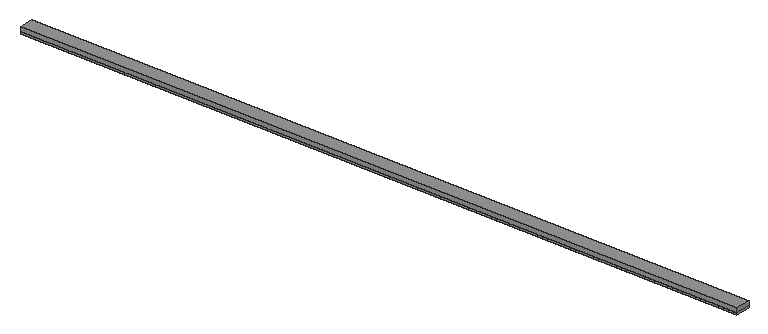
Revit family "0068119", category Lighting Fixtures, host Face, Revit 2017
Family settings
  Host = Face
  Round Connector Dimension = Use Diameter
  Part Type = Normal
  OmniClass Number = 23.80.70.00
  OmniClass Title = Lighting
  Cut with Voids When Loaded = No
  Light Source = Yes
  Shared = No
  Room Calculation Point = No
Parameters (values of type "0068119 START FLEX IP65 840 11750LM - 500 mm")
  Width_SYL = if(IP20HO_SYL, 10 mm, if(IP65_SYL, 12 mm, if(IP65HO_SYL, 10 mm, if(IP67_SYL, 10 mm, if(IP20RGB_SYL, 8 mm, if(IP20RGBW_SYL, 12 mm, if(IP67RGB_SYL, 12 mm, if(IP67RGBW_SYL, 14 mm, 8 mm))))))))  # 10 mm
  Weight = "2.0 kg"
  Wattage Comments = ""
  Wattage = 82.5 W
  WarrantyStartDate [instance] = "n/a"
  WarrantyGuarantorParts = "n/a"
  WarrantyDurationUnit = "n/a"
  WarrantyDurationParts = "n/a"
  WarrantyDescription = "n/a"
  built-in parameter 1150110 = 1 (stored number, unit not read)
  Voltage = 24 V
  URL = "http://www.sylvania-lighting.com"
  TypeName = "START Flex IP65 840 11750lm - 500 mm"
  Type Image = <None>
  Type Comments = "n/a"
  built-in parameter 1114217 = 1 (stored number, unit not read)
  Tilt Angle = -90.00°
  built-in parameter 1150109 = 1 (stored number, unit not read)
  built-in parameter 1150134 = 12
  built-in parameter 1150113 = 1 (stored number, unit not read)
  StartCapWidth_SYL = if(IP20HO_SYL, 2 mm, if(IP65_SYL, 14 mm, if(IP65HO_SYL, 12 mm, if(IP67_SYL, 17.5 mm, if(IP20RGB_SYL, 2 mm, if(IP20RGBW_SYL, 2 mm, if(IP67RGB_SYL, 14 mm, if(IP67RGBW_SYL, 16 mm, 2 mm))))))))  # 12 mm
  StartCapVisible_SYL [instance] = no
  StartCapLength_SYL = if(IP20HO_SYL, 2 mm, if(IP65_SYL, 10 mm, if(IP65HO_SYL, 15 mm, if(IP67_SYL, 35 mm, if(IP20RGB_SYL, 2 mm, if(IP20RGBW_SYL, 2 mm, if(IP67RGB_SYL, 12 mm, if(IP67RGBW_SYL, 12 mm, 2 mm))))))))  # 15 mm
  StartCapHeight_SYL = if(IP20HO_SYL, 2 mm, if(IP65_SYL, 6 mm, if(IP65HO_SYL, 6 mm, if(IP67_SYL, 9.5 mm, if(IP20RGB_SYL, 2 mm, if(IP20RGBW_SYL, 2 mm, if(IP67RGB_SYL, 7 mm, if(IP67RGBW_SYL, 7 mm, 2 mm))))))))  # 6 mm
  SerialNumber [instance] = "n/a"
  SealingVisibility_SYL = yes
  IP67_SYL = no
  IP67RGB_SYL = no
  IP67RGBW_SYL = no
  IP65_SYL = no
  IP65HO_SYL = yes
  IP20RGB_SYL = no
  IP20RGBW_SYL = no
  IP20HO_SYL = no
  HeightWithSealing_SYL = if(IP20HO_SYL, 2 mm, if(IP65_SYL, 4 mm, if(IP65HO_SYL, 4 mm, if(IP67_SYL, 6 mm, if(IP20RGB_SYL, 2 mm, if(IP20RGBW_SYL, 2 mm, if(IP67RGB_SYL, 5 mm, if(IP67RGBW_SYL, 5 mm, 2 mm))))))))  # 4 mm
  Photometric Web File = "0068119.ies"
  Material_3_SYL = ABS Plastic
  PowerFactor = 0
  PowerConsumption = "82.5 W"
  NominalLength = 5000 mm
  NominalHeight = 4 mm
  NominalDepth = 12.5 mm
  Name = "START Flex IP65 840 11750lm - 500 mm"
  ModelReference = Name  # "START Flex IP65 840 11750lm - 500 mm"
  ModelNumber = "0068119"
  Model = Name  # "START Flex IP65 840 11750lm - 500 mm"
  Material = "other housing, silicone diffuser"
  ManufacturerName = "Feilo Sylvania"
  Manufacturer = "Feilo Sylvania"
  LuminousEfficacy = "142 lm/W"
  built-in parameter 1150105 = 4037.8 (stored number, unit not read)
  Lumens = 11715 lm
  LuminaireType = ""
  built-in parameter 1150115 = 1 (stored number, unit not read)
  LightOutputRatio = "n/a"
  built-in parameter 1150137 = (empty or 0)
  built-in parameter 1150139 = (empty or 0)
  Length_SYL = 500 mm
  LampsType = Lamp  # "LED"
  LampNominalLuminous = "11750 lm"
  LampMacAdamStep = "3"
  LampColourTemperature = "4000 K"
  LampColourRenderingIndex = "80"
  built-in parameter 1150112 = 1 (stored number, unit not read)
  built-in parameter 1150114 = 1 (stored number, unit not read)
  Lamp = "LED"
  Keynote = "16500"
  InstallationDate [instance] = "n/a"
  InputVoltage = "24V DC"
  InputNominalFrequency = "n/a"
  built-in parameter 1150132 = (empty or 0)
  built-in parameter 1150102 = (empty or 0)
  built-in parameter 1150107 = 4000 (stored number, unit not read)
  built-in parameter 1150138 = (empty or 0)
  IngressProtection = "IP65"
  ImpactProtectionIndex = "IK00"
  built-in parameter 1150106 = 40.378 (stored number, unit not read)
  IfcExportType = "IfcLightFixtureType"
  IfcExportAs = "IfcLightFixtureType"
  EndCapWidth_SYL = if(IP20HO_SYL, 2 mm, if(IP65_SYL, 14 mm, if(IP65HO_SYL, 12 mm, if(IP67_SYL, 17.5 mm, if(IP20RGB_SYL, 2 mm, if(IP20RGBW_SYL, 2 mm, if(IP67RGB_SYL, 14 mm, if(IP67RGBW_SYL, 16 mm, 2 mm))))))))  # 12 mm
  EndCapVisible_SYL [instance] = no
  EndCapLength_SYL = if(IP20HO_SYL, 2 mm, if(IP65_SYL, 10 mm, if(IP65HO_SYL, 10 mm, if(IP67_SYL, 15 mm, if(IP20RGB_SYL, 2 mm, if(IP20RGBW_SYL, 2 mm, if(IP67RGB_SYL, 10 mm, if(IP67RGBW_SYL, 10 mm, 2 mm))))))))  # 10 mm
  EndCapHeight_SYL = if(IP20HO_SYL, 2 mm, if(IP65_SYL, 6 mm, if(IP65HO_SYL, 6 mm, if(IP67_SYL, 9.5 mm, if(IP20RGB_SYL, 2 mm, if(IP20RGBW_SYL, 2 mm, if(IP67RGB_SYL, 7 mm, if(IP67RGBW_SYL, 7 mm, 2 mm))))))))  # 6 mm
  EmitSurfaceOffset_SYL = 1 mm  # constant formula
  EmitSurfaceHeight_SYL = if(IP20HO_SYL, 1.2 mm, if(IP65_SYL, 4 mm, if(IP65HO_SYL, 4 mm, if(IP67_SYL, 6 mm, if(IP20RGB_SYL, 1.2 mm, if(IP20RGBW_SYL, 1.2 mm, if(IP67RGB_SYL, 5 mm, if(IP67RGBW_SYL, 5 mm, 1.2 mm))))))))  # 4 mm
  built-in parameter 1150127 = if(IP20HO_SYL, 3.5 mm, if(IP65_SYL, 12 mm, if(IP65HO_SYL, 10 mm, if(IP67_SYL, 10 mm, if(IP20RGB_SYL, 5 mm, if(IP20RGBW_SYL, 5 mm, if(IP67RGB_SYL, 12 mm, if(IP67RGBW_SYL, 14 mm, 3.5 mm))))))))  # 10 mm
  Emit from Rectangle Length = Length_SYL - 2 * EmitSurfaceOffset_SYL  # 498 mm
  Emit Shape Visible in Rendering = no
  ElectricShockClassification = "Class III"
  built-in parameter 1150104 = 13.192 (stored number, unit not read)
  DocumentationLiterature = "http://www.sylvania-lighting.com/product/en-int/products/0068119"
  DimmingControlOptions = "n/a"
  Material_2_SYL = LED
  Dimming Lamp Color Temperature Shift = <None>
  Description = "5 metre IP65 LED reel with pre-attached 3M adhesive type;  equipped with 420 LEDs; 11750lm per 5m (2350lm per 1m); 24V; 4000K; CRI80; SDCM <3; 50000 hrs (L70). Needs to be used with aluminium profile for cooling LED chips purpose and therefore assuring longer lifetime (Profile HO Surface 16 0022604 can be used)."
  Default Elevation = 1219.2 mm
  CreatedOn = "9/11/2019"
  CreatedBy = "@sylvania-lighting.com"
  Cost = 0
  Color Filter = 16777215
  built-in parameter 1114216 [instance] = (empty or 0)
  ClassificationValue = "EF_70_80"
  ClassificationName = "Uniclass2015"
  Material_1_SYL = Aluminum
  BarCode [instance] = "n/a"
  built-in parameter 1114218 = 1 (stored number, unit not read)
  Emit from Rectangle Width = 3048 mm
  AssetType = "Fixed"
  AssetIdentifier [instance] = "n/a"
  Assembly Code = "D5020200"
  Apparent Load = 82.5 VA
  Material_4_SYL = Polycarbonate, Clear
Types (4, lengths in mm): name | TypeName | StartCapVisible_SYL | Name | ModelReference | Model | Length_SYL | EndCapVisible_SYL | Emit from Rectangle Length
  0068119 START FLEX IP65 840 11750LM - 500 mm | "START Flex IP65 840 11750lm - 500 mm" | no | "START Flex IP65 840 11750lm - 500 mm" | "START Flex IP65 840 11750lm - 500 mm" | "START Flex IP65 840 11750lm - 500 mm" | 500 | no | 498
  0068119 START FLEX IP65 840 11750LM - 100 mm | "START Flex IP65 840 11750lm - 100 mm" | no | "START Flex IP65 840 11750lm - 100 mm" | "START Flex IP65 840 11750lm - 100 mm" | "START Flex IP65 840 11750lm - 100 mm" | 100 | no | 98
  0068119 START FLEX IP65 840 11750LM - 50 mm | "START Flex IP65 840 11750lm - 50 mm" | yes | "START Flex IP65 840 11750lm - 50 mm" | "START Flex IP65 840 11750lm - 50 mm" | "START Flex IP65 840 11750lm - 50 mm" | 50 | yes | 48
  0068119 START FLEX IP65 840 11750LM - 10 mm | "START Flex IP65 840 11750lm - 10 mm" | yes | "START Flex IP65 840 11750lm - 10 mm" | "START Flex IP65 840 11750lm - 10 mm" | "START Flex IP65 840 11750lm - 10 mm" | 10 | yes | 8
Reference planes
  plane 1 "Center (Front/Back)": y = 0
  plane 2: z = 0
  plane 3 "Center (Left/Right)": x = 0
  plane 4: y = 5
  plane 5: y = -5
  plane 6: z = 1.2
  plane 7: x = 500
  plane 8: x = 250
  plane 9: x = 1
  plane 10: x = 499
  plane 11: y = 1.8
  plane 12: y = -1.8
  plane 13: y = 6
  plane 14: y = -6
  plane 15: x = -15
  plane 16: x = 510
  plane 17: y = 6
  plane 18: y = -6
  plane 19: z = 4
  plane 20: z = 4
  plane 21: z = 2
  plane 22: z = -1
  plane 23: z = 5
  plane 24: z = 5
  plane 25: z = -1
Forms (mm)
  Extrusion 1, solid, material "Aluminum" <- "Material_1_SYL"
    sketch origin (0, 0, 0) x (0, 1, 0) y (0, 0, 1)
      loop
        line (-5, 1.2) -> (-5, 0) -> (5, 0) -> (5, 1.2) -> (-5, 1.2)
    from 0 to 500
  Extrusion 2, solid, material "Polycarbonate, Clear" <- "Material_4_SYL", visible <- "SealingVisibility_SYL"
    sketch origin (0, 0, 0) x (0, 1, 0) y (0, 0, 1)
      loop
        line (-5, 1.2) -> (5, 1.2) -> (5, 4) -> (-5, 4) -> (-5, 1.2)
    from 0 to 500
  Extrusion 3, solid, visible <- "StartCapVisible_SYL"
    sketch origin (0, 0, 0) x (0, 1, 0) y (0, 0, 1)
      loop
        line (-6, -1) -> (6, -1) -> (6, 5) -> (-6, 5) -> (-6, -1)
    from 0 to -15
  Extrusion 4, solid, visible <- "EndCapVisible_SYL"
    sketch origin (500, 1524, 1219.2) x (0, 1, 0) y (0, 0, 1)
      loop
        line (-1518, -1220.2) -> (-1518, -1214.2) -> (-1530, -1214.2) -> (-1530, -1220.2) -> (-1518, -1220.2)
    from 0 to 10
Lines and regions (mm)
  Split face 1
    outline origin (0, -5, 1.2) x (0, 1, 0) y (-1, 0, 0)
      loop
        line (6.8, -1) -> (3.2, -1) -> (3.2, -499) -> (6.8, -499) -> (6.8, -1)
  reference lines
    curve 1: line (1, 1.8, 0) -> (499, 1.8, 0)
    curve 2: line (1, -1.8, 0) -> (1, 1.8, 0)
    curve 3: line (499, -1.8, 0) -> (1, -1.8, 0)
    curve 4: line (499, 1.8, 0) -> (499, -1.8, 0)
Dimensions and locks
  equal spacing: plane 5, plane 1 "Center (Front/Back)", plane 4
  "Width_SYL": plane 5 to plane 4
  "Length_SYL": plane 3 "Center (Left/Right)" to plane 7
  "EmitSurfaceOffset_SYL": plane 3 "Center (Left/Right)" to plane 9
  equal spacing: plane 9, plane 8, plane 10
  "EmitSurfaceOffset_SYL": plane 10 to plane 7
  equal spacing: plane 12, plane 1 "Center (Front/Back)", plane 11
  locked: plane 12 to plane 11 at 3.6
  equal spacing: plane 14, plane 1 "Center (Front/Back)", plane 13
  "StartCapWidth_SYL": plane 14 to plane 13
  "StartCapLength_SYL": plane 15 to plane 3 "Center (Left/Right)"
  equal spacing: plane 18, plane 1 "Center (Front/Back)", plane 17
  "EndCapWidth_SYL": plane 18 to plane 17
  "EndCapLength_SYL": plane 7 to plane 16
  "EmitSurfaceHeight_SYL": plane 19 to plane 2
  "HeightWithSealing_SYL": host face to plane 20
  equal spacing: plane 2, plane 21, plane 19
  equal spacing: plane 22, plane 21, plane 23
  "EndCapHeight_SYL": plane 22 to plane 23
  equal spacing: plane 25, plane 21, plane 24
  "StartCapHeight_SYL": plane 25 to plane 24
  aligned and locked: plane 2 to host face
  aligned and locked: level to host face
  aligned and locked: plane 6 to Extrusion 1 sketch curve
  aligned and locked: Extrusion 1 sketch curve to plane 5
  aligned and locked: level to Extrusion 1 sketch curve
  aligned and locked: plane 4 to Extrusion 1 sketch curve
  aligned and locked: plane 7 to Extrusion 1
  aligned and locked: imposter light to plane 1 "Center (Front/Back)"
  aligned and locked: plane 8 to imposter light
  aligned and locked: plane 11 to curve 1
  aligned and locked: plane 9 to curve 2
  aligned and locked: curve 3 to plane 12
  aligned and locked: curve 4 to plane 10
  aligned and locked: Split face 1 sketch curve to curve 1
  aligned and locked: Split face 1 sketch curve to curve 4
  aligned and locked: Split face 1 sketch curve to curve 3
  aligned and locked: Split face 1 sketch curve to curve 2
  aligned and locked: imposter light to plane 19
  aligned and locked: Extrusion 2 sketch curve to Extrusion 1  (x2)
  aligned and locked: Extrusion 2 sketch curve to plane 20
  aligned and locked: Extrusion 2 sketch curve to plane 4
  aligned and locked: Extrusion 2 to plane 3 "Center (Left/Right)"
  aligned and locked: plane 7 to Extrusion 2
  aligned and locked: plane 22 to Extrusion 3 sketch curve
  aligned and locked: plane 14 to Extrusion 3 sketch curve
  aligned and locked: Extrusion 3 sketch curve to plane 23
  aligned and locked: Extrusion 3 sketch curve to plane 13
  aligned and locked: Extrusion 3 to plane 15
  aligned and locked: plane 3 "Center (Left/Right)" to Extrusion 3
  aligned and locked: plane 13 to Extrusion 4 sketch curve
  aligned and locked: plane 23 to Extrusion 4 sketch curve
  aligned and locked: Extrusion 4 sketch curve to plane 18
  aligned and locked: Extrusion 4 sketch curve to plane 25
  aligned and locked: plane 16 to Extrusion 4
  aligned and locked: Extrusion 4 to plane 7
Automatic sketch dimensions
  host sketch curve to host sketch curve = 600 mm
  host sketch curve to host sketch curve = 100 mm
Connectors
  electrical at (0, 0, 0.6), driven by "Voltage", driven by "Apparent Load", driven by "PowerFactor"
    settings: on Extrusion 1, index 1, voltage 24 V, apparent load 82.5 VA, apparent load phase1 0 VA, apparent load phase2 0 VA, apparent load phase3 0 VA, power factor 0, load classification "Other", number of poles 1, system type 30, power factor state 1, is connector primary yes, connector utility no, sub classification motor no, connector description ""
